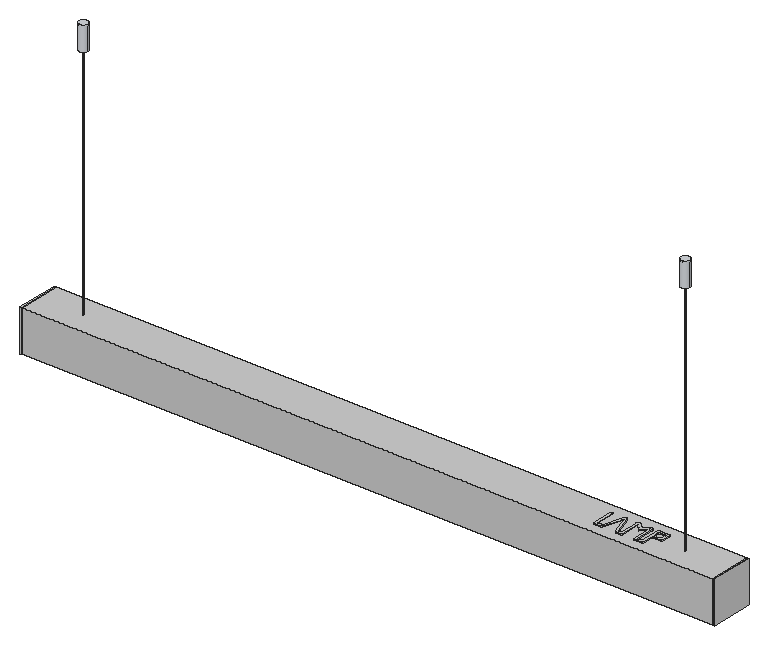
Revit family "LAMP_FIL 70 OPAL SUSPENDED", category Luminarias, Revit 2015
Parameters (values of type "1162MM 2600LM 3000K GREY")
  Ángulo de inclinación = 90.00°
  Weight = 2.536 kg
  Type = "MID POWER PHILIPS"
  Suspension [instance] = 400.00 mm
  Protection rating = "IP42, IK06"
  Product datasheet = "https://www.lamp.es/product-files/TECH/F71SF120LOOP830NG-EN.pdf"
  Product code = "F71SF120LOOP830NG"
  Product URL = "https://www.lamp.es/en/family/fil-70_33399"
  Power Supply = "220-240V 50-60Hz"
  Power = 17 W
  Plum = 19.2 W
  NO COVER 2 [instance] = not(END COVER 2)  # no
  NO COVER 1 [instance] = not(END COVER 1)  # no
  Modelo = Product code  # "F71SF120LOOP830NG"
  Model explanation = "Availability of switching between accessories through visibility parameters when placed in a project."
  Material codo = LAMP_Aluminio Perfil Fil GR
  Material Difusor = LAMP_PC Difusor Opal Fil
  Manufacturer name = "LAMP"
  Manufacturer country = "Spain"
  Manufacturer URL = "http://www.lamp.es/en"
  MacAdam = "3"
  Luminaire type = "Indoor - Modular System"
  Last update = "12/08/2020"
  Installation instructions = "https://www.lamp.es/product-files/INS/1002960-J-INSTR.%20ESTRUCTURA%20FIL%2070.pdf"
  IEE = "A+"
  Gear = "Electronic"
  Finish = "Gloss Grey"
  Fabricante = Manufacturer name  # "LAMP"
  Efficacy = 103.8 lm/W
  END COVER 2 [instance] = yes
  END COVER 1 [instance] = yes
  Descripción = "FIL 70 OPAL SUS 2600 WW GR."
  Comentarios de tipo = Model explanation  # "Availability of switching between accessories through visibility parameters when placed in a project."
  built-in parameter 1140040 [instance] = (empty or 0)
  CRI = "80"
  LED Lifetime = "60000 L80 B10"
  Dimensiones = "1.162x70x70mm"
  Wattage = 19.2 W
  UniClass 2.0 Descripción = ""
  UniClass 2.0 Code = Product code  # "F71SF120LOOP830NG"
  UniClass 1.4 Descripción = ""
  UniClass 1.4 Code = Product code  # "F71SF120LOOP830NG"
  built-in parameter 1150110 = 1 (stored number, unit not read)
  Omniclass Descripción = ""
  OmniClass Code = ""
  Material Perfil = LAMP_Aluminio Perfil Fil GR
  Lámpara = "LED MID-POWER"
  Largo = 1162.00 mm
  IFC Clasificación = "Light Fixture"
  built-in parameter 1114217 = 1 (stored number, unit not read)
  built-in parameter 1150109 = 1 (stored number, unit not read)
  Suspension distance [instance] = if(Suspension > 4000.00 mm, 4000.00 mm, Suspension)  # 400.00 mm
  built-in parameter 1150134 = (empty or 0)
  built-in parameter 1150113 = 1 (stored number, unit not read)
  Lumens = 1992.96 lm
  built-in parameter 1150115 = 1 (stored number, unit not read)
  built-in parameter 1150105 = 733.15 (stored number, unit not read)
  built-in parameter 1150137 = (empty or 0)
  built-in parameter 1150139 = (empty or 0)
  built-in parameter 1150112 = 1 (stored number, unit not read)
  built-in parameter 1150114 = 1 (stored number, unit not read)
  built-in parameter 1150132 = 2
  built-in parameter 1150102 = (empty or 0)
  built-in parameter 1150138 = (empty or 0)
  built-in parameter 1150107 = 3000 (stored number, unit not read)
  built-in parameter 1150106 = 7.3315 (stored number, unit not read)
  Emit from Line Length = Largo  # 1162.00 mm
  built-in parameter 1150104 = 9.6433 (stored number, unit not read)
  Insulation class = "I"
  Dimming Lamp Color Temperature Shift = (empty or 0)
  Color Filter = 16777215
  built-in parameter 1114218 = 1 (stored number, unit not read)
  CORNER 2 RIGHT [instance] = and(NO COVER 2, ACC CORNER 2, not(CORNER 2 LEFT))  # no
  CORNER 2 LEFT [instance] = and(NO COVER 2, ACC CORNER 2, CHANGE SIDE CORNER 2)  # no
  CORNER 1 RIGHT [instance] = and(NO COVER 1, ACC CORNER 1, not(CORNER 1 LEFT))  # no
  CORNER 1 LEFT [instance] = and(NO COVER 1, ACC CORNER 1, CHANGE SIDE CORNER 1)  # no
  CHANGE SIDE CORNER 2 [instance] = no
  CHANGE SIDE CORNER 1 [instance] = no
  Archivo de red fotométrica = "4741483.IES"
  ACC CORNER 2 [instance] = no
  ACC CORNER 1 [instance] = no
  built-in parameter 1150133 = 10 (stored number, unit not read)
Types (16, lengths in mm): name | Weight | Product datasheet | Product code | Power | Plum | Modelo | Material codo | Finish | Efficacy | Descripción | LED Lifetime | Dimensiones | Wattage | UniClass 2.0 Code | UniClass 1.4 Code | Material Perfil | Largo | built-in parameter 1150134 | Lumens | built-in parameter 1150105 | built-in parameter 1150107 | built-in parameter 1150106 | Emit from Line Length | built-in parameter 1150104 | Archivo de red fotométrica
  1162MM 2600LM 3000K GREY | 2.536 kg | "https://www.lamp.es/product-files/TECH/F71SF120LOOP830NG-EN.pdf" | "F71SF120LOOP830NG" | 17 W | 19.2 W | "F71SF120LOOP830NG" | LAMP_Aluminio Perfil Fil GR | "Gloss Grey" | 103.8 lm/W | "FIL 70 OPAL SUS 2600 WW GR." | "60000 L80 B10" | "1.162x70x70mm" | 19.2 W | "F71SF120LOOP830NG" | "F71SF120LOOP830NG" | LAMP_Aluminio Perfil Fil GR | 1162.00 | (empty or 0) | 1992.96 lm | 733.15 (stored number, unit not read) | 3000 (stored number, unit not read) | 7.3315 (stored number, unit not read) | 1162.00 | 9.6433 (stored number, unit not read) | "4741483.IES"
  1162MM 2600LM 3000K WHITE | 2.536 kg | "https://www.lamp.es/product-files/TECH/F71SF120LOOP830NW-EN.pdf" | "F71SF120LOOP830NW" | 17 W | 19.2 W | "F71SF120LOOP830NW" | LAMP_Aluminio Perfil Fil BL | "Matt White" | 103.8 lm/W | "FIL 70 OPAL SUS 2600 WW WH." | "60000 L80 B10" | "1.162x70x70mm" | 19.2 W | "F71SF120LOOP830NW" | "F71SF120LOOP830NW" | LAMP_Aluminio Perfil Fil BL | 1162.00 | (empty or 0) | 1992.96 lm | 733.15 (stored number, unit not read) | 3000 (stored number, unit not read) | 7.3315 (stored number, unit not read) | 1162.00 | 9.6433 (stored number, unit not read) | "4741480.IES"
  1162MM 2600LM 4000K GREY | 2.536 kg | "https://www.lamp.es/product-files/TECH/F71SF120LOOP840NG-EN.pdf" | "F71SF120LOOP840NG" | 17 W | 19.2 W | "F71SF120LOOP840NG" | LAMP_Aluminio Perfil Fil GR | "Gloss Grey" | 111.6 lm/W | "FIL 70 OPAL SUS 2600 NW GR." | "60000 L80 B10" | "1.162x70x70mm" | 19.2 W | "F71SF120LOOP840NG" | "F71SF120LOOP840NG" | LAMP_Aluminio Perfil Fil GR | 1162.00 | 12 | 2142.72 lm | 793.87 (stored number, unit not read) | 4000 (stored number, unit not read) | 7.9387 (stored number, unit not read) | 1162.00 | 10.368 (stored number, unit not read) | "4740483.IES"
  1162MM 2600LM 4000K WHITE | 2.536 kg | "https://www.lamp.es/product-files/TECH/F71SF120LOOP840NW-EN.pdf" | "F71SF120LOOP840NW" | 17 W | 19.2 W | "F71SF120LOOP840NW" | LAMP_Aluminio Perfil Fil BL | "Matt White" | 111.6 lm/W | "FIL 70 OPAL SUS 2600 NW WH." | "60000 L80 B10" | "1.162x70x70mm" | 19.2 W | "F71SF120LOOP840NW" | "F71SF120LOOP840NW" | LAMP_Aluminio Perfil Fil BL | 1162.00 | 12 | 2142.72 lm | 793.87 (stored number, unit not read) | 4000 (stored number, unit not read) | 7.9387 (stored number, unit not read) | 1162.00 | 10.368 (stored number, unit not read) | "4740480.IES"
  1162MM 4400LM 3000K GREY | 2.525 kg | "https://www.lamp.es/product-files/TECH/F71SF120HOOP830NG-EN.pdf" | "F71SF120HOOP830NG" | 28 W | 30.7 W | "F71SF120HOOP830NG" | LAMP_Aluminio Perfil Fil GR | "Gloss Grey" | 109.8 lm/W | "FIL 70 OPAL SUS 4400 WW GR." | "60000 L80 B10" | "1.162x70x70mm" | 30.7 W | "F71SF120HOOP830NG" | "F71SF120HOOP830NG" | LAMP_Aluminio Perfil Fil GR | 1162.00 | (empty or 0) | 3370.86 lm | 1248.9 (stored number, unit not read) | 3000 (stored number, unit not read) | 12.489 (stored number, unit not read) | 1162.00 | 10.201 (stored number, unit not read) | "4741563.IES"
  1162MM 4400LM 3000K WHITE | 2.525 kg | "https://www.lamp.es/product-files/TECH/F71SF120HOOP830NW-EN.pdf" | "F71SF120HOOP830NW" | 28 W | 30.7 W | "F71SF120HOOP830NW" | LAMP_Aluminio Perfil Fil BL | "Matt White" | 109.8 lm/W | "FIL 70 OPAL SUS 4400 WW WH." | "60000 L80 B10" | "1.162x70x70mm" | 30.7 W | "F71SF120HOOP830NW" | "F71SF120HOOP830NW" | LAMP_Aluminio Perfil Fil BL | 1162.00 | (empty or 0) | 3370.86 lm | 1248.9 (stored number, unit not read) | 3000 (stored number, unit not read) | 12.489 (stored number, unit not read) | 1162.00 | 10.201 (stored number, unit not read) | "4741560.IES"
  1162MM 4400LM 4000K GREY | 2.525 kg | "https://www.lamp.es/product-files/TECH/F71SF120HOOP840NG-EN.pdf" | "F71SF120HOOP840NG" | 28 W | 30.7 W | "F71SF120HOOP840NG" | LAMP_Aluminio Perfil Fil GR | "Gloss Grey" | 115.5 lm/W | "FIL 70 OPAL SUS 4400 NW GR." | "60000 L80 B10" | "1.162x70x70mm" | 30.7 W | "F71SF120HOOP840NG" | "F71SF120HOOP840NG" | LAMP_Aluminio Perfil Fil GR | 1162.00 | 12 | 3545.85 lm | 1304.5 (stored number, unit not read) | 4000 (stored number, unit not read) | 13.045 (stored number, unit not read) | 1162.00 | 10.73 (stored number, unit not read) | "4740563.IES"
  1162MM 4400LM 4000K WHITE | 2.525 kg | "https://www.lamp.es/product-files/TECH/F71SF120HOOP840NW-EN.pdf" | "F71SF120HOOP840NW" | 28 W | 30.7 W | "F71SF120HOOP840NW" | LAMP_Aluminio Perfil Fil BL | "Gloss Grey" | 115.5 lm/W | "FIL 70 OPAL SUS 4400 NW WH." | "60000 L80 B10" | "1.162x70x70mm" | 30.7 W | "F71SF120HOOP840NW" | "F71SF120HOOP840NW" | LAMP_Aluminio Perfil Fil BL | 1162.00 | 12 | 3545.85 lm | 1304.5 (stored number, unit not read) | 4000 (stored number, unit not read) | 13.045 (stored number, unit not read) | 1162.00 | 10.73 (stored number, unit not read) | "4740560.IES"
  1743MM 3900LM 3000K GREY | 4.094 kg | "https://www.lamp.es/product-files/TECH/F71SF170LOOP830NG-EN.pdf" | "F71SF170LOOP830NG" | 25 W | 29.7 W | "F71SF170LOOP830NG" | LAMP_Aluminio Perfil Fil GR | "Gloss Grey" | 100.6 lm/W | "FIL 70 OPAL SUS 3900 WW GR." | "50000 L80 B10" | "1.743x70x70mm" | 29.7 W | "F71SF170LOOP830NG" | "F71SF170LOOP830NG" | LAMP_Aluminio Perfil Fil GR | 1743.00 | (empty or 0) | 2987.82 lm | 1106.7 (stored number, unit not read) | 3000 (stored number, unit not read) | 11.067 (stored number, unit not read) | 1743.00 | 9.346 (stored number, unit not read) | "4741493.IES"
  1743MM 3900LM 3000K WHITE | 4.094 kg | "https://www.lamp.es/product-files/TECH/F71SF170LOOP830NW-EN.pdf" | "F71SF170LOOP830NW" | 25 W | 29.7 W | "F71SF170LOOP830NW" | LAMP_Aluminio Perfil Fil BL | "Matt White" | 100.6 lm/W | "FIL 70 OPAL SUS 3900 WW WH." | "50000 L80 B10" | "1.743x70x70mm" | 29.7 W | "F71SF170LOOP830NW" | "F71SF170LOOP830NW" | LAMP_Aluminio Perfil Fil BL | 1743.00 | (empty or 0) | 2987.82 lm | 1106.7 (stored number, unit not read) | 3000 (stored number, unit not read) | 11.067 (stored number, unit not read) | 1743.00 | 9.346 (stored number, unit not read) | "4741490.IES"
  1743MM 3900LM 4000K GREY | 4.094 kg | "https://www.lamp.es/product-files/TECH/F71SF170LOOP840NG-EN.pdf" | "F71SF170LOOP840NG" | 25 W | 29.7 W | "F71SF170LOOP840NG" | LAMP_Aluminio Perfil Fil GR | "Gloss Grey" | 108.3 lm/W | "FIL 70 OPAL SUS 3900 NW GR." | "50000 L80 B10" | "1.743x70x70mm" | 29.7 W | "F71SF170LOOP840NG" | "F71SF170LOOP840NG" | LAMP_Aluminio Perfil Fil GR | 1743.00 | 12 | 3216.51 lm | 1191.7 (stored number, unit not read) | 4000 (stored number, unit not read) | 11.917 (stored number, unit not read) | 1743.00 | 10.061 (stored number, unit not read) | "4740493.IES"
  1743MM 3900LM 4000K WHITE | 4.094 kg | "https://www.lamp.es/product-files/TECH/F71SF170LOOP840NW-EN.pdf" | "F71SF170LOOP840NW" | 25 W | 29.7 W | "F71SF170LOOP840NW" | LAMP_Aluminio Perfil Fil BL | "Matt White" | 108.3 lm/W | "FIL 70 OPAL SUS 3900 NW WH." | "50000 L80 B10" | "1.743x70x70mm" | 29.7 W | "F71SF170LOOP840NW" | "F71SF170LOOP840NW" | LAMP_Aluminio Perfil Fil BL | 1743.00 | 12 | 3216.51 lm | 1191.7 (stored number, unit not read) | 4000 (stored number, unit not read) | 11.917 (stored number, unit not read) | 1743.00 | 10.061 (stored number, unit not read) | "4740490.IES"
  1743MM 6600LM 3000K GREY | 4.094 kg | "https://www.lamp.es/product-files/TECH/F71SF170HOOP830NG-EN.pdf" | "F71SF170HOOP830NG" | 41 W | 45.8 W | "F71SF170HOOP830NG" | LAMP_Aluminio Perfil Fil GR | "Gloss Grey" | 110.4 lm/W | "FIL 70 OPAL SUS 6600 WW GR." | "50000 L80 B10" | "1.743x70x70mm" | 45.8 W | "F71SF170HOOP830NG" | "F71SF170HOOP830NG" | LAMP_Aluminio Perfil Fil GR | 1743.00 | (empty or 0) | 5056.32 lm | 1860.1 (stored number, unit not read) | 3000 (stored number, unit not read) | 18.601 (stored number, unit not read) | 1743.00 | 10.256 (stored number, unit not read) | "4741573.IES"
  1743MM 6600LM 3000K WHITE | 4.094 kg | "https://www.lamp.es/product-files/TECH/F71SF170HOOP830NW-EN.pdf" | "F71SF170HOOP830NW" | 41 W | 45.8 W | "F71SF170HOOP830NW" | LAMP_Aluminio Perfil Fil BL | "Matt White" | 110.4 lm/W | "FIL 70 OPAL SUS 6600 WW WH." | "50000 L80 B10" | "1.743x70x70mm" | 45.8 W | "F71SF170HOOP830NW" | "F71SF170HOOP830NW" | LAMP_Aluminio Perfil Fil BL | 1743.00 | (empty or 0) | 5056.32 lm | 1860.1 (stored number, unit not read) | 3000 (stored number, unit not read) | 18.601 (stored number, unit not read) | 1743.00 | 10.256 (stored number, unit not read) | "4741570.IES"
  1743MM 6600LM 4000K GREY | 4.094 kg | "https://www.lamp.es/product-files/TECH/F71SF170HOOP840NG-EN.pdf" | "F71SF170HOOP840NG" | 41 W | 45.8 W | "F71SF170HOOP840NG" | LAMP_Aluminio Perfil Fil GR | "Gloss Grey" | 116.1 lm/W | "FIL 70 OPAL SUS 6600 NW GR." | "50000 L80 B10" | "1.743x70x70mm" | 45.8 W | "F71SF170HOOP840NG" | "F71SF170HOOP840NG" | LAMP_Aluminio Perfil Fil GR | 1743.00 | 12 | 5317.38 lm | 1969.7 (stored number, unit not read) | 4000 (stored number, unit not read) | 19.697 (stored number, unit not read) | 1743.00 | 10.786 (stored number, unit not read) | "4740573.IES"
  1743MM 6600LM 4000K WHITE | 4.094 kg | "https://www.lamp.es/product-files/TECH/F71SF170HOOP840NW-EN.pdf" | "F71SF170HOOP840NW" | 41 W | 45.8 W | "F71SF170HOOP840NW" | LAMP_Aluminio Perfil Fil BL | "Matt White" | 116.1 lm/W | "FIL 70 OPAL SUS 6600 NW WH." | "50000 L80 B10" | "1.743x70x70mm" | 45.8 W | "F71SF170HOOP840NW" | "F71SF170HOOP840NW" | LAMP_Aluminio Perfil Fil BL | 1743.00 | 12 | 5317.38 lm | 1969.7 (stored number, unit not read) | 4000 (stored number, unit not read) | 19.697 (stored number, unit not read) | 1743.00 | 10.786 (stored number, unit not read) | "4740570.IES"
Reference planes
  plane 1 "Eje de origen de luz (F/P)": y = 0
  plane 2 "Techo": z = 2438.4
  plane 3 "Eje de origen de luz (I/D)": x = 0
  plane 4 "Elevación de origen de luz": z = 1928.4
  plane 5 "derecha": x = 1162
  plane 6: z = 2398.4
  plane 7 "Centro origen de luz": x = 581
  plane 8: z = 1998.4
Forms (mm)
  Extrusion 1, solid, material "LAMP_Aluminio Perfil Fil GR" <- "Material Perfil"
    sketch origin (0, 0, -99.116) x (0, 1, 0) y (0, 0, 1)
      loop
        line (-35, 2097.516) -> (-35, 2027.516) -> (35, 2027.516) -> (35, 2097.516) -> (-35, 2097.516)
    from 0 to 1162
  Extrusion 2, void
    sketch origin (0, 0, -99.116) x (0, 1, 0) y (0, 0, 1)
      loop
        line (-35, 2027.516) -> (35, 2027.516) -> (33.241, 2033.54) -> (-33.241, 2033.54) -> (-35, 2027.516)
    from 0 to 1162
  Extrusion 3, solid, material "LAMP_PC Difusor Opal Fil" <- "Material Difusor"
    sketch origin (0, 0, -99.116) x (0, 1, 0) y (0, 0, 1)
      loop
        line (-32.899, 2029.507) -> (-34.049, 2027.516) -> (34.042, 2027.516) -> (32.893, 2029.507) -> (-32.899, 2029.507)
    from 0 to 1162
  Extrusion 4, solid
    sketch origin (0, 0, 0) x (1, 0, 0) y (0, 1, 0)
      loop
        circle (1087, 0) r 7.5
    from 2398.4 to 2438.4
  Extrusion 5, solid
    sketch origin (510, 0, 0) x (1, 0, 0) y (0, 1, 0)
      loop
        circle (577, 0) r 1
    from 1998.4 to 2398.4
  Extrusion 6, solid
    sketch origin (1130, 0, 0) x (-1, 0, 0) y (0, -1, 0)
      loop
        circle (1055, 0) r 7.5
    from 2398.4 to 2438.4
  Extrusion 7, solid
    sketch origin (620, 0, 0) x (-1, 0, 0) y (0, -1, 0)
      loop
        circle (545, 0) r 1
    from 1998.4 to 2398.4
  Extrusion 8, solid, material "LAMP_Aluminio Perfil Fil GR" <- "Material Perfil", visible <- "END COVER 2"
    sketch origin (0, 0, 0) x (0, 1, 0) y (0, 0, 1)
      loop
        line (-35, 1998.4) -> (-35, 1928.4) -> (35, 1928.4) -> (35, 1998.4) -> (-35, 1998.4)
    from 0 to -3
  Extrusion 9, solid, material "LAMP_Aluminio Perfil Fil GR" <- "Material Perfil", visible <- "END COVER 1"
    sketch origin (1162, 0, 0) x (0, 1, 0) y (0, 0, 1)
      loop
        line (-35, 1998.4) -> (-35, 1928.4) -> (35, 1928.4) -> (35, 1998.4) -> (-35, 1998.4)
    from 0 to 3
  Extrusion 10, solid, material "LAMP_Aluminio Perfil Fil GR" <- "Material Perfil"
    sketch origin (-726.601, -4572, 1998.4) x (-1, 0, 0) y (0, -1, 0)
      loop
        arc (-1673.783, -4554.725) -> (-1674.313, -4553.446) -> (-1675.591, -4552.917) r 1.808
        line (-1675.591, -4552.917) -> (-1686.604, -4552.917)
        arc (-1686.604, -4552.917) -> (-1687.696, -4553.266) -> (-1688.382, -4554.185) r 1.88
        line (-1688.382, -4554.185) -> (-1699.396, -4586.196) -> (-1710.351, -4554.36)
        arc (-1710.351, -4554.36) -> (-1710.994, -4553.498) -> (-1712.019, -4553.17) r 1.764
        line (-1712.019, -4553.17) -> (-1719.951, -4553.17)
        arc (-1719.951, -4553.17) -> (-1721.201, -4553.688) -> (-1721.719, -4554.938) r 1.768
        line (-1721.719, -4554.938) -> (-1721.719, -4586.398) -> (-1731.679, -4576.438) -> (-1741.638, -4586.398) -> (-1741.638, -4554.633)
        arc (-1741.638, -4554.633) -> (-1742.141, -4553.42) -> (-1743.355, -4552.917) r 1.717
        line (-1743.355, -4552.917) -> (-1755.672, -4552.917)
        arc (-1755.672, -4552.917) -> (-1756.985, -4553.461) -> (-1757.53, -4554.775) r 1.858
        line (-1757.53, -4554.775) -> (-1757.53, -4584.857)
        arc (-1757.53, -4584.857) -> (-1758.056, -4586.127) -> (-1759.326, -4586.653) r 1.796
        line (-1759.326, -4586.653) -> (-1767.68, -4586.653)
        arc (-1767.68, -4586.653) -> (-1768.988, -4586.111) -> (-1769.53, -4584.803) r 1.849
        line (-1769.53, -4584.803) -> (-1769.53, -4578.491)
        arc (-1769.53, -4578.491) -> (-1768.991, -4577.191) -> (-1767.692, -4576.653) r 1.838
        line (-1767.692, -4576.653) -> (-1759.998, -4576.653)
        arc (-1759.998, -4576.653) -> (-1757.998, -4574.653) -> (-1759.998, -4572.653) r 2
        line (-1759.998, -4572.653) -> (-1771.737, -4572.653)
        arc (-1771.737, -4572.653) -> (-1773.005, -4573.178) -> (-1773.53, -4574.446) r 1.793
        line (-1773.53, -4574.446) -> (-1773.53, -4588.771)
        arc (-1773.53, -4588.771) -> (-1772.978, -4590.102) -> (-1771.648, -4590.653) r 1.882
        line (-1771.648, -4590.653) -> (-1755.388, -4590.653)
        arc (-1755.388, -4590.653) -> (-1754.074, -4590.109) -> (-1753.53, -4588.795) r 1.858
        line (-1753.53, -4588.795) -> (-1753.53, -4558.724)
        arc (-1753.53, -4558.724) -> (-1752.985, -4557.41) -> (-1751.671, -4556.865) r 1.859
        line (-1751.671, -4556.865) -> (-1747.557, -4556.865)
        arc (-1747.557, -4556.865) -> (-1746.249, -4557.407) -> (-1745.708, -4558.714) r 1.849
        line (-1745.708, -4558.714) -> (-1745.708, -4586.97)
        arc (-1745.708, -4586.97) -> (-1742.806, -4591.003) -> (-1738.061, -4589.533) r 4.253
        line (-1738.061, -4589.533) -> (-1731.679, -4583.151) -> (-1725.297, -4589.533)
        arc (-1725.297, -4589.533) -> (-1720.551, -4591.003) -> (-1717.65, -4586.97) r 4.253
        line (-1717.65, -4586.97) -> (-1717.65, -4559.166)
        arc (-1717.65, -4559.166) -> (-1715.733, -4556.902) -> (-1713.185, -4558.419) r 2.295
        line (-1713.185, -4558.419) -> (-1702.978, -4588.097)
        arc (-1702.978, -4588.097) -> (-1699.396, -4590.653) -> (-1695.815, -4588.097) r 3.788
        line (-1695.815, -4588.097) -> (-1685.507, -4558.123)
        arc (-1685.507, -4558.123) -> (-1684.827, -4557.212) -> (-1683.744, -4556.865) r 1.864
        line (-1683.744, -4556.865) -> (-1679.56, -4556.865)
        arc (-1679.56, -4556.865) -> (-1678.303, -4557.386) -> (-1677.783, -4558.642) r 1.777
        line (-1677.783, -4558.642) -> (-1677.783, -4588.865)
        arc (-1677.783, -4588.865) -> (-1675.783, -4590.865) -> (-1673.783, -4588.865) r 2
        line (-1673.783, -4588.865) -> (-1673.783, -4554.725)
    from 0 to 1
Cuts and joins
  Extrusion 2 cuts Extrusion 1
Text (mm)
  text "Any modification of the parameters and properties of the LAMP BIM models must be executed and validated by the LAMP technical department.\n\nPhone: +34 93 736 68 00\n\nE-mail: lamp@lamp.es\n\n\n\nLAMP reserves the right to modify the technical specifications of its products." at (1229.161, -154.404, 1716.468), in view "Preview"
Dimensions and locks
  equal spacing: host sketch curve, plane 3 "Eje de origen de luz (I/D)", host sketch curve
  equal spacing: host sketch curve, plane 1 "Eje de origen de luz (F/P)", host sketch curve
  host sketch curve to host sketch curve = 3048.00 mm  (x2)
  "Largo": plane 3 "Eje de origen de luz (I/D)" to plane 5 "derecha"
  locked: cut or joined group of Extrusion 1, Extrusion 2 to cut or joined group of Extrusion 1, Extrusion 2 at 70  (x2)
  Extrusion 3 sketch curve to imposter light = 1.991 mm
  locked: cut or joined group of Extrusion 1, Extrusion 2 to Extrusion 2 sketch curve at 6.024
  locked: plane 2 "Techo" to plane 6 at 40
  equal spacing: plane 3 "Eje de origen de luz (I/D)", plane 7 "Centro origen de luz", plane 5 "derecha"
  locked: plane 8 to plane 4 "Elevación de origen de luz" at 70
  "Suspension": plane 6 to plane 8
  aligned and locked: plane 1 "Eje de origen de luz (F/P)" to imposter light
  aligned and locked: plane 4 "Elevación de origen de luz" to imposter light
  aligned and locked: plane 5 "derecha" to Extrusion 1
  aligned and locked: plane 4 "Elevación de origen de luz" to cut or joined group of Extrusion 1, Extrusion 2
  aligned and locked: plane 4 "Elevación de origen de luz" to Extrusion 2
  aligned and locked: plane 2 "Techo" to Extrusion 4
  aligned and locked: Extrusion 4 to plane 6
  aligned and locked: plane 6 to Extrusion 5
  aligned and locked: plane 5 "derecha" to Extrusion 3
  aligned and locked: plane 5 "derecha" to Extrusion 2
  aligned and locked: Extrusion 3 to plane 3 "Eje de origen de luz (I/D)"
  aligned and locked: cut or joined group of Extrusion 1, Extrusion 2 to plane 3 "Eje de origen de luz (I/D)"
  aligned and locked: imposter light to plane 7 "Centro origen de luz"
  aligned and locked: plane 2 "Techo" to Extrusion 6
  aligned and locked: Extrusion 6 to plane 6
  aligned and locked: plane 6 to Extrusion 7
  aligned and locked: Extrusion 2 to plane 3 "Eje de origen de luz (I/D)"
  aligned and locked: Extrusion 5 to cut or joined group of Extrusion 1, Extrusion 2
  aligned and locked: Extrusion 7 to cut or joined group of Extrusion 1, Extrusion 2
  aligned and locked: plane 8 to cut or joined group of Extrusion 1, Extrusion 2
  aligned and locked: Extrusion 8 to plane 8
  aligned and locked: plane 8 to Extrusion 9
  aligned and locked: plane 5 "derecha" to nested 1
  aligned and locked: plane 8 to nested 1
  aligned and locked: plane 8 to nested 2
  aligned and locked: Extrusion 9 to plane 5 "derecha"
  aligned and locked: nested 2 to plane 5 "derecha"
  aligned and locked: nested 3 to plane 8
  aligned and locked: nested 4 to plane 8
  aligned and locked: Extrusion 10 to plane 8
Automatic sketch dimensions
  plane 4 "Elevación de origen de luz" to Extrusion 1 sketch curve = 0.00 mm
  plane 1 "Eje de origen de luz (F/P)" to Extrusion 1 sketch curve = 35.00 mm
  Extrusion 1 sketch curve to plane 1 "Eje de origen de luz (F/P)" = 35.00 mm
  Extrusion 1 sketch curve to plane 4 "Elevación de origen de luz" = 70.00 mm
  plane 4 "Elevación de origen de luz" to Extrusion 2 sketch curve = 0.00 mm
  plane 1 "Eje de origen de luz (F/P)" to Extrusion 2 sketch curve = 35.00 mm
  Extrusion 2 sketch curve to Extrusion 2 sketch curve = 1.759 mm  (x2)
  Extrusion 2 sketch curve to plane 1 "Eje de origen de luz (F/P)" = 33.241 mm
  plane 4 "Elevación de origen de luz" to Extrusion 3 sketch curve = 0.00 mm
  plane 1 "Eje de origen de luz (F/P)" to Extrusion 3 sketch curve = 34.049 mm
  Extrusion 3 sketch curve to Extrusion 3 sketch curve = 1.149 mm  (x2)
  Extrusion 3 sketch curve to plane 1 "Eje de origen de luz (F/P)" = 32.893 mm
  plane 1 "Eje de origen de luz (F/P)" to Extrusion 4 sketch curve = 0.00 mm
  Extrusion 4 sketch curve to plane 5 "derecha" = 75.00 mm
  plane 1 "Eje de origen de luz (F/P)" to Extrusion 5 sketch curve = 0.00 mm
  Extrusion 5 sketch curve to plane 5 "derecha" = 75.00 mm
  plane 1 "Eje de origen de luz (F/P)" to Extrusion 6 sketch curve = 0.00 mm
  Extrusion 6 sketch curve to plane 3 "Eje de origen de luz (I/D)" = 75.00 mm
  plane 1 "Eje de origen de luz (F/P)" to Extrusion 7 sketch curve = 0.00 mm
  Extrusion 7 sketch curve to plane 3 "Eje de origen de luz (I/D)" = 75.00 mm
  plane 4 "Elevación de origen de luz" to Extrusion 8 sketch curve = 0.00 mm
  plane 1 "Eje de origen de luz (F/P)" to Extrusion 8 sketch curve = 35.00 mm
  Extrusion 8 sketch curve to plane 1 "Eje de origen de luz (F/P)" = 35.00 mm
  Extrusion 8 sketch curve to plane 4 "Elevación de origen de luz" = 70.00 mm
  plane 4 "Elevación de origen de luz" to Extrusion 9 sketch curve = 0.00 mm
  plane 1 "Eje de origen de luz (F/P)" to Extrusion 9 sketch curve = 35.00 mm
  Extrusion 9 sketch curve to plane 1 "Eje de origen de luz (F/P)" = 35.00 mm
  Extrusion 9 sketch curve to plane 4 "Elevación de origen de luz" = 70.00 mm
  Extrusion 10 sketch curve to plane 1 "Eje de origen de luz (F/P)" = 16.771 mm
  Extrusion 10 sketch curve to plane 5 "derecha" = 115.071 mm
  Extrusion 10 sketch curve to plane 1 "Eje de origen de luz (F/P)" = 0.653 mm
  Extrusion 10 sketch curve to Extrusion 10 sketch curve = 1.793 mm
  Extrusion 10 sketch curve to Extrusion 10 sketch curve = 1.882 mm
  Extrusion 10 sketch curve to Extrusion 10 sketch curve = 2.207 mm
  Extrusion 10 sketch curve to Extrusion 10 sketch curve = 1.838 mm
  Extrusion 10 sketch curve to Extrusion 10 sketch curve = 1.849 mm  (x2)
  Extrusion 10 sketch curve to Extrusion 10 sketch curve = 7.693 mm
  Extrusion 10 sketch curve to Extrusion 10 sketch curve = 8.355 mm
  Extrusion 10 sketch curve to Extrusion 10 sketch curve = 2.469 mm
  Extrusion 10 sketch curve to Extrusion 10 sketch curve = 1.858 mm  (x2)
  Extrusion 10 sketch curve to Extrusion 10 sketch curve = 3.938 mm
  Extrusion 10 sketch curve to Extrusion 10 sketch curve = 1.859 mm
  Extrusion 10 sketch curve to Extrusion 10 sketch curve = 4.114 mm
  Extrusion 10 sketch curve to Extrusion 10 sketch curve = 4.201 mm
  Extrusion 10 sketch curve to Extrusion 10 sketch curve = 4.07 mm  (x2)
  Extrusion 10 sketch curve to Extrusion 10 sketch curve = 0.184 mm  (x2)
  Extrusion 10 sketch curve to plane 1 "Eje de origen de luz (F/P)" = 17.533 mm  (x2)
  Extrusion 10 sketch curve to Extrusion 10 sketch curve = 3.394 mm  (x2)
  Extrusion 10 sketch curve to plane 1 "Eje de origen de luz (F/P)" = 4.438 mm
  Extrusion 10 sketch curve to Extrusion 10 sketch curve = 9.96 mm
  Extrusion 10 sketch curve to plane 1 "Eje de origen de luz (F/P)" = 11.151 mm
  Extrusion 10 sketch curve to Extrusion 10 sketch curve = 0.00 mm  (x2)
  Extrusion 10 sketch curve to plane 1 "Eje de origen de luz (F/P)" = 14.398 mm
  Extrusion 10 sketch curve to Extrusion 10 sketch curve = 1.768 mm
  Extrusion 10 sketch curve to Extrusion 10 sketch curve = 2.295 mm
  plane 1 "Eje de origen de luz (F/P)" to Extrusion 10 sketch curve = 13.581 mm
  Extrusion 10 sketch curve to Extrusion 10 sketch curve = 2.17 mm
  Extrusion 10 sketch curve to Extrusion 10 sketch curve = 1.166 mm
  plane 1 "Eje de origen de luz (F/P)" to Extrusion 10 sketch curve = 17.64 mm
  Extrusion 10 sketch curve to Extrusion 10 sketch curve = 1.668 mm
  Extrusion 10 sketch curve to plane 1 "Eje de origen de luz (F/P)" = 16.097 mm  (x2)
  Extrusion 10 sketch curve to Extrusion 10 sketch curve = 14.671 mm
  Extrusion 10 sketch curve to plane 1 "Eje de origen de luz (F/P)" = 14.196 mm
  Extrusion 10 sketch curve to Extrusion 10 sketch curve = 3.582 mm
  plane 1 "Eje de origen de luz (F/P)" to Extrusion 10 sketch curve = 17.815 mm
  Extrusion 10 sketch curve to Extrusion 10 sketch curve = 21.969 mm
  Extrusion 10 sketch curve to Extrusion 10 sketch curve = 1.778 mm
  plane 1 "Eje de origen de luz (F/P)" to Extrusion 10 sketch curve = 13.877 mm
  Extrusion 10 sketch curve to Extrusion 10 sketch curve = 1.098 mm
  Extrusion 10 sketch curve to Extrusion 10 sketch curve = 1.763 mm
  Extrusion 10 sketch curve to Extrusion 10 sketch curve = 4.184 mm
  Extrusion 10 sketch curve to Extrusion 10 sketch curve = 18.032 mm
  Extrusion 10 sketch curve to Extrusion 10 sketch curve = 2.00 mm
  Extrusion 10 sketch curve to Extrusion 10 sketch curve = 1.808 mm
  Extrusion 10 sketch curve to plane 1 "Eje de origen de luz (F/P)" = 16.865 mm
  Extrusion 10 sketch curve to Extrusion 10 sketch curve = 0.669 mm
  Extrusion 10 sketch curve to Extrusion 10 sketch curve = 2.118 mm
  Extrusion 10 sketch curve to Extrusion 10 sketch curve = 4.045 mm
  Extrusion 10 sketch curve to Extrusion 10 sketch curve = 0.606 mm
  plane 1 "Eje de origen de luz (F/P)" to Extrusion 10 sketch curve = 13.276 mm
  Extrusion 10 sketch curve to Extrusion 10 sketch curve = 4.228 mm
  Extrusion 10 sketch curve to Extrusion 10 sketch curve = 0.612 mm
  Extrusion 10 sketch curve to Extrusion 10 sketch curve = 3.949 mm
  radius of Extrusion 4 sketch curve = 7.50 mm
  radius of Extrusion 5 sketch curve = 1.00 mm
  radius of Extrusion 6 sketch curve = 7.50 mm
  radius of Extrusion 7 sketch curve = 1.00 mm
Nested families
  nested 1: "LAMP_FIL + LED ACC SUSPENDED 90º CORNER" at (1162, 35, 1928.4), Material <- "Material codo", visible <- "CORNER 1 RIGHT", type "GREY"
    with Material LAMP_Aluminio Perfil Fil GR
  nested 2: "LAMP_FIL + LED ACC SUSPENDED 90º CORNER" at (1252, 55, 1928.4) x (0, -1, 0) z (0, 0, 1), Material <- "Material codo", visible <- "CORNER 1 LEFT", type "GREY"
    with Material LAMP_Aluminio Perfil Fil GR
  nested 3: "LAMP_FIL + LED ACC SUSPENDED 90º CORNER" at (0, 35, 1928.4) x (-1, 0, 0) z (0, 0, 1), Material <- "Material codo", visible <- "CORNER 2 RIGHT", type "GREY"
    with Material LAMP_Aluminio Perfil Fil GR
  nested 4: "LAMP_FIL + LED ACC SUSPENDED 90º CORNER" at (-90, 55, 1928.4) x (0, -1, 0) z (0, 0, 1), Material <- "Material codo", visible <- "CORNER 2 LEFT", type "GREY"
    with Material LAMP_Aluminio Perfil Fil GR
Connectors
  electrical at (30, 0, 1998.4)
    settings: on Extrusion 1, index 1, voltage 240 V, apparent load 0 VA, apparent load phase1 0 VA, apparent load phase2 0 VA, apparent load phase3 0 VA, power factor 1, load classification "Otro", number of poles 1, system type 30, power factor state 1, is connector primary yes, connector utility no, sub classification motor no, connector description ""
Definition of nested family "LAMP_FIL + LED ACC SUSPENDED 90º CORNER"
  Parameters (values of type "WHITE")
    Weight = 0.24 kg
    Product datasheet = "http://www.lamp.es/product-files/TECH/4700110-EN.pdf"
    Product code = "4700110"
    Model = Product code  # "4700110"
    Material [instance] = none
    Manufacturer name = "LAMP"
    Manufacturer country = "Spain"
    Manufacturer URL = "http://www.lamp.es/en"
    Last update = "09/05/2018"
    Installation instructions = ""
    Finish = "Matt White"
    Manufacturer = Manufacturer name  # "LAMP"
    Description = "FIL + ACC. SUS 90º CORNER WH."
    Accessory Type = "Assembly"
  Types (2, lengths in mm): name | Product datasheet | Product code | Model | Finish | Description
    GREY | "http://www.lamp.es/product-files/TECH/4700113-EN.pdf" | "4700113" | "4700113" | "Gloss Grey" | "FIL + ACC. SUS 90º CORNER GR."
    WHITE | "http://www.lamp.es/product-files/TECH/4700110-EN.pdf" | "4700110" | "4700110" | "Matt White" | "FIL + ACC. SUS 90º CORNER WH."
  Reference planes
    plane 1 "Centro (Frontal/Posterior)": y = 0
    plane 2: z = 0
    plane 3 "Centro (Izquierda/Derecha)": x = 0
  Forms (mm)
    Sweep 1, solid, material <- "Material"
      path origin (0, 0, 0) x (1, 0, 0) y (0, 1, 0)
        loop
          line (0, 0) -> (90, 0) -> (90, -90)
      profile origin (45, 0, 0) x (0, 1, 0) y (0, 0, 1)
        loop
          line (-70, 0) -> (0, 0) -> (0, 70) -> (-70, 70) -> (-70, 0)
  Text (mm)
    text "Any modification of the parameters and properties of the LAMP BIM models must be executed and validated by the LAMP technical department.\n\nPhone: +34 93 736 68 00\n\nE-mail: lamp@lamp.es\n\n\n\nLAMP reserves the right to modify the technical specifications of its products." at (15168.82, -59287.277, 21078.712), in view "Preview"
  Dimensions and locks
    aligned and locked: level to plane 2
